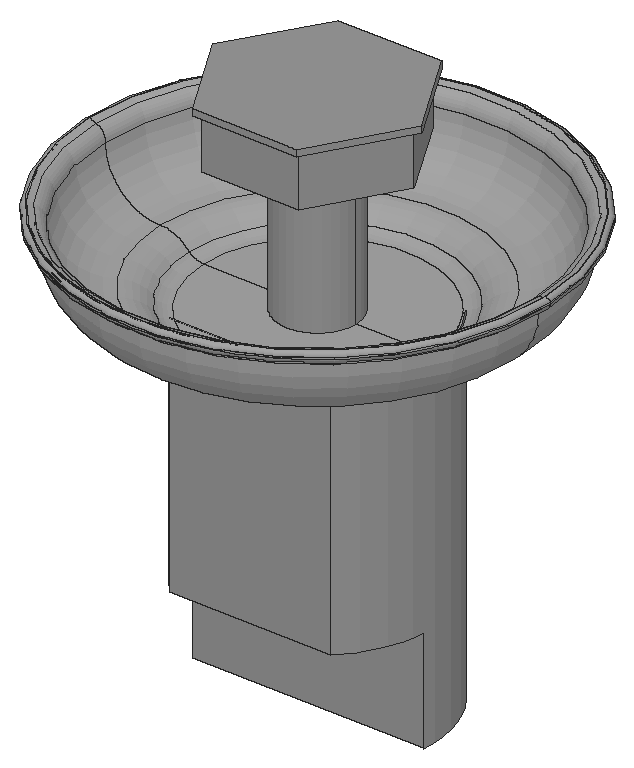
Revit family "Washfountain_Willoughby-WWF-3606-FLR", category Plumbing Fixtures, Revit 2015
Parameters (values of type "Standard")
  Waste DIA = 2"
  Waste Connection = yes
  Vent Connection = no
  URL = "https://www.willoughby-ind.com/wp-content/uploads/2018/01/WWF-3606.pdf"
  Solid Surface Sink = Solid Surface Acrylic Resin-Willoughby
  Revision = "A"
  Model = "WAF-3606-FLR"
  Manufacturer = "Willoughby Industries"
  Keynote = ""
  HW Connection = yes
  HCW DIA = 1/2"
  Fixture Body = Stainless Steel AISI 304-Willoughby
  Description = "Six Station round Washfountain, Floor Mounted"
  Default Elevation = 0' - 0"
  Contact = "(800) 428-4065"
  CW Connection = yes
Reference planes (in)
  plane 1 "Center (Front/Back)": y = 0
  plane 2: z = 0
  plane 3 "Center (Left/Right)": x = 0
  plane 4: z = 34
  plane 5: z = 42.5
  plane 6: z = 42
  plane 7: z = 38
  plane 8: z = 26.5
  plane 9: x = 18
  plane 10: x = -18
  plane 11: z = 28.5
  plane 12: x = 8.25
  plane 13: x = -8.25
  plane 14: x = 7.25
  plane 15: y = -6.5
  plane 16: y = -5.04234
  plane 17: y = -0.875
Forms (in)
  Revolve 1, solid, material "Solid Surface Acrylic Resin-Willoughby" <- "Solid Surface Sink"
    sketch origin (0, 0, 0) x (1, 0, 0) y (0, 0, 1)
      loop
        line (-18, 33.683) -> (-18, 33.56644)
        arc (-18, 33.56644) -> (-17.91323, 33.3196) -> (-17.6911, 33.18136) r 0.39447
        line (-17.6911, 33.18136) -> (-17.4375, 33.125)
        arc (-17.4375, 33.125) -> (-17.25573, 32.97535) -> (-17.1875, 32.75) r 0.40625
        arc (-17.1875, 32.75) -> (-15.72303, 29.21447) -> (-12.1875, 27.75) r 5
        arc (-12.1875, 27.75) -> (-11.25104, 27.5363) -> (-10.5, 26.9375) r 2.15865
        arc (-10.5, 26.9375) -> (-9.72359, 26.42847) -> (-8.8125, 26.25) r 2.41477
        line (-8.8125, 26.25) -> (0, 26.25) -> (0, 27) -> (-8.8125, 27)
        arc (-8.8125, 27) -> (-9.42263, 27.11584) -> (-9.94786, 27.44722) r 1.66477
        arc (-9.94786, 27.44722) -> (-10.95013, 28.22368) -> (-12.1875, 28.5) r 2.90865
        arc (-12.1875, 28.5) -> (-15.1927, 29.7448) -> (-16.4375, 32.75) r 4.25
        arc (-16.4375, 32.75) -> (-16.63169, 33.39137) -> (-17.14904, 33.81731) r 1.15625
        line (-17.14904, 33.81731) -> (-17.62233, 34.01451) -> (-17.66849, 34.01451)
        arc (-17.66849, 34.01451) -> (-17.9029, 33.91742) -> (-18, 33.683) r 0.33151
      axis (0, 34.01451) -> (0, 26.25)
    angle from 0 to 360
  Revolve 2, solid, material "Stainless Steel AISI 304-Willoughby" <- "Fixture Body"
    sketch origin (0, 0, 0) x (1, 0, 0) y (0, 0, 1)
      loop
        line (0, 26.9375) -> (0, 38) -> (-3, 38) -> (-3, 26.9375) -> (0, 26.9375)
      axis (0, 38) -> (0, 26.9375)
    angle from 0 to 360
  Extrusion 3, solid, material "Stainless Steel AISI 304-Willoughby" <- "Fixture Body"
    sketch origin (65.34541, 0, 42) x (1, 0, 0) y (0, 1, 0)
      loop
        line (-61.59541, 6.5) -> (-69.09541, 6.5) -> (-72.84541, 0) -> (-69.09541, -6.5) -> (-61.59541, -6.5) -> (-57.84541, 0) -> (-61.59541, 6.5)
    from 0 to -4
  Extrusion 4, solid, material "Stainless Steel AISI 304-Willoughby" <- "Fixture Body"
    sketch origin (65.34541, 0, 42) x (1, 0, 0) y (0, 1, 0)
      loop
        line (-69.38419, 7) -> (-73.42265, 0) -> (-69.3812, -7) -> (-61.30663, -7) -> (-57.26672, 0.0025) -> (-61.30673, 7) -> (-69.38419, 7)
    from 0 to 0.5
  Extrusion 5, solid, material "Stainless Steel AISI 304-Willoughby" <- "Fixture Body"
    sketch origin (0, 0, 0) x (1, 0, 0) y (0, 1, 0)
      loop
        line (-6.22495, -6.5) -> (6.22495, -6.5)
        arc (6.22495, -6.5) -> (0, 9) -> (-6.22495, -6.5) r 9
    from 0 to 27
  Extrusion 6, void
    sketch origin (0, 0, 0) x (1, 0, 0) y (0, 0, 1)
      loop
        line (-10.25, 0) -> (11.75, 0) -> (11.75, 8) -> (-10.25, 8) -> (-10.25, 0)
    from 0.875 to 6.5
  Extrusion 7, solid, material "Stainless Steel AISI 304-Willoughby" <- "Fixture Body", detail levels medium+fine
    sketch origin (-2, 0, 0) x (1, 0, 0) y (0, 1, 0)
      loop
        circle (2, 2) r 0.25
    from 3 to 6
  Extrusion 8, solid, material "Stainless Steel AISI 304-Willoughby" <- "Fixture Body", detail levels medium+fine
    sketch origin (-2, 0, 0) x (1, 0, 0) y (0, 1, 0)
      loop
        circle (2, 6) r 0.25
    from 3 to 6
  Extrusion 9, solid, material "Stainless Steel AISI 304-Willoughby" <- "Fixture Body", detail levels medium+fine
    sketch origin (-1, 0, 0) x (1, 0, 0) y (0, 1, 0)
      loop
        circle (5, 2) r 1
    from 3 to 6
Cuts and joins
  Extrusion 6 cuts Extrusion 5
Lines and regions (in)
  symbolic lines
    curve 1: circle (0, 0, 0) r 18 normal (0, 0, 1)
    curve 3: circle (0, 0, 0) r 9.94786 normal (0, 0, 1)
    curve 4: line (-8.07724, 0, 0) -> (-4.03878, 7, 0)
    curve 5: line (-4.03878, 7, 0) -> (4.03868, 7, 0)
    curve 6: line (4.03868, 7, 0) -> (8.07868, 0.0025, 0)
    curve 7: line (8.07868, 0.0025, 0) -> (4.03878, -7, 0)
    curve 8: line (4.03878, -7, 0) -> (-4.03579, -7, 0)
    curve 9: line (-4.03579, -7, 0) -> (-8.07724, 0, 0)
    curve 10: line (-9.04264, 0, 0) -> (8.95736, 0, 0)
    curve 11: line (8.95736, 0, 0) -> (8.95736, 0, 26.25)
    curve 12: line (8.95736, 0, 26.25) -> (-9.04264, 0, 26.25)
    curve 13: line (-9.04264, 0, 26.25) -> (-9.04264, 0, 0)
    curve 14: line (8.07868, 0, 42.5) -> (-8.07724, 0, 42.5)
    curve 15: line (-8.07724, 0, 42.5) -> (-8.07724, 0, 42)
    curve 16: line (-8.07724, 0, 42) -> (8.07868, 0, 42)
    curve 17: line (7.5, 0, 42) -> (7.5, 0, 38)
    curve 18: line (7.5, 0, 38) -> (-7.5, 0, 38)
    curve 19: line (-7.5, 0, 38) -> (-7.5, 0, 42)
    curve 20: line (-3, 0, 38) -> (-3, 0, 34)
    curve 21: line (3, 0, 38) -> (3, 0, 34)
    curve 22: line (17.67433, 0, 34.01451) -> (-17.66849, 0, 34.01451)
    curve 23: arc (-17.66849, 0, 34.01451) -> (-17.92636, 0, 33.89427) -> (-18, 0, 33.61943) r 0.33663
    curve 24: arc (-18, 0, 33.61943) -> (-17.97806, 0, 33.43117) -> (-17.87385, 0, 33.27285) r 0.41033
    curve 25: arc (-17.87385, 0, 33.27285) -> (-17.74517, 0, 33.19041) -> (-17.59532, 0, 33.16032) r 0.41362
    curve 26: arc (-17.59532, 0, 33.16032) -> (-17.51668, 0, 33.14146) -> (-17.4375, 0, 33.125) r 2.66966
    curve 27: arc (-17.4375, 0, 33.125) -> (-17.23421, 0, 32.93784) -> (-17.18322, 0, 32.66626) r 0.4385
    curve 28: arc (-17.18322, 0, 32.66626) -> (-15.63891, 0, 29.13199) -> (-12.04022, 0, 27.74442) r 5.00648
    curve 29: arc (-12.04022, 0, 27.74442) -> (-11.18671, 0, 27.50015) -> (-10.5, 0, 26.9375) r 2.19282
    curve 30: arc (-10.5, 0, 26.9375) -> (-9.82814, 0, 26.4733) -> (-9.04264, 0, 26.25) r 2.50368
    curve 31: arc (8.95736, 0, 26.25) -> (9.79067, 0, 26.45465) -> (10.5, 0, 26.9375) r 2.41744
    curve 32: arc (10.5, 0, 26.9375) -> (11.26785, 0, 27.55102) -> (12.23139, 0, 27.74486) r 2.08608
    curve 33: arc (12.23139, 0, 27.74486) -> (15.73139, 0, 29.19461) -> (17.18114, 0, 32.69461) r 4.94975
    curve 34: arc (17.18114, 0, 32.69461) -> (17.25008, 0, 32.94509) -> (17.4375, 0, 33.125) r 0.48946
    curve 35: line (17.4375, 0, 33.125) -> (17.71259, 0, 33.18851)
    curve 36: arc (17.71259, 0, 33.18851) -> (17.93508, 0, 33.33858) -> (18, 0, 33.59897) r 0.37443
    curve 37: arc (18, 0, 33.59897) -> (17.99143, 0, 33.75232) -> (17.92701, 0, 33.89173) r 0.4098
    curve 38: arc (17.92701, 0, 33.89173) -> (17.81625, 0, 33.98519) -> (17.67433, 0, 34.01451) r 0.29453
    curve 39: line (-9.04264, 0, 8) -> (8.95736, 0, 8)
    curve 40: line (8.07868, 0, 42.5) -> (8.07868, 0, 42)
    curve 41: line (0, 7, 42) -> (0, 7, 42.5)
    curve 42: line (0, 7, 42.5) -> (0, -7, 42.5)
    curve 43: line (0, -7, 42.5) -> (0, -7, 42)
    curve 44: line (0, -7, 42) -> (0, -6.5, 42)
    curve 45: line (0, -6.5, 42) -> (0, -6.5, 38)
    curve 46: line (0, -6.5, 38) -> (0, 6.5, 38)
    curve 47: line (0, 6.5, 38) -> (0, 6.5, 42)
    curve 48: line (0, 6.5, 42) -> (0, -6.5, 42)
    curve 49: line (0, -3, 38) -> (0, -3, 34.01451)
    curve 50: line (0, 3, 38) -> (0, 3, 34)
    curve 51: line (0, 17.66849, 34.01451) -> (0, -17.66849, 34.01451)
    curve 52: arc (0, -17.66849, 34.01451) -> (0, -17.92581, 33.89452) -> (0, -17.99929, 33.62028) r 0.33591
    curve 53: arc (0, -17.99929, 33.62028) -> (0, -17.93731, 33.3533) -> (0, -17.71862, 33.18808) r 0.40203
    curve 54: line (0, -17.71862, 33.18808) -> (0, -17.4375, 33.125)
    curve 55: arc (0, -17.4375, 33.125) -> (0, -17.23481, 32.93084) -> (0, -17.18719, 32.65424) r 0.44855
    curve 56: arc (0, -17.18719, 32.65424) -> (0, -15.65505, 29.14933) -> (0, -12.09881, 27.74044) r 5.02154
    curve 57: arc (0, -12.09881, 27.74044) -> (0, -11.20138, 27.53416) -> (0, -10.5, 26.9375) r 1.94108
    curve 58: arc (0, -10.5, 26.9375) -> (0, -9.75438, 26.45468) -> (0, -8.88912, 26.25372) r 2.57687
    curve 59: line (0, -8.88912, 26.25372) -> (0, 9.00309, 26.25372)
    curve 60: arc (0, 9.00309, 26.25372) -> (0, 9.81057, 26.4664) -> (0, 10.5, 26.9375) r 2.45425
    curve 61: arc (0, 10.5, 26.9375) -> (0, 11.23447, 27.53322) -> (0, 12.15608, 27.74523) r 2.09481
    curve 62: arc (0, 12.15608, 27.74523) -> (0, 15.7149, 29.21933) -> (0, 17.189, 32.77815) r 5.03292
    curve 63: arc (0, 17.189, 32.77815) -> (0, 17.25754, 32.99149) -> (0, 17.4375, 33.125) r 0.36632
    curve 64: line (0, 17.4375, 33.125) -> (0, 17.68109, 33.18124)
    curve 65: arc (0, 17.68109, 33.18124) -> (0, 17.92783, 33.34455) -> (0, 18.00691, 33.62968) r 0.42245
    curve 66: arc (0, 18.00691, 33.62968) -> (0, 17.92472, 33.89863) -> (0, 17.66849, 34.01451) r 0.34122
    curve 67: line (0, 9.00309, 26.25372) -> (0, 9.00309, 0)
    curve 68: line (0, 9.00309, 0) -> (0, -0.875, 0)
    curve 69: line (0, -0.875, 0) -> (0, -0.875, 8)
    curve 70: line (0, -0.875, 8) -> (0, -6.5, 8)
    curve 71: line (0, -6.5, 8) -> (0, -6.5, 26.25372)
  symbolic lines, detail levels fine
    curve 2: circle (0, 0, 0) r 16.5 normal (0, 0, 1)
Dimensions and locks (in)
  plane 7 to plane 6 = 0' - 4"
  plane 8 to plane 11 = 0' - 2"  (x2)
  Revolve 1 sketch curve to plane 11 to plane 4 = 0' - 2 1/4", 0' - 5 1/2"
  plane 13 to plane 14 = 1' - 3 1/2"
  aligned and locked: Revolve 2 sketch curve to Revolve 2 sketch curve  (x2)
  aligned and locked: plane 17 to Extrusion 6
  aligned and locked: plane 5 to Extrusion 4
  aligned and locked: Extrusion 4 to plane 6
  aligned and locked: plane 6 to Extrusion 3
  aligned and locked: Extrusion 3 to plane 7
  aligned and locked: curve 39 to cut or joined group of Extrusion 5, Extrusion 6
Connectors (in)
  piping at (0, 6, 3), diameter 0.5, driven by "HCW DIA", driven by "HW Connection"
    settings: on Extrusion 8, index 1, connector inside diameter 24", connector length 0' - 0", flow factor 0, pipe flow 0 GPM, pressure drop 0.00 psi, fitting loss kfactor 0, connector angle 0.00°, fixture units 0, engagement length 0' - 0", angle of deflection 0.00°, flow configuration 0, flow direction 1, fitting loss method 0, system type 19, joint type 0, gender type 0, connector reference index -1, connector utility 1, adjustable connector no, is connector primary yes, connector description "HW Inlet"
  piping at (0, 2, 3), diameter 0.5, driven by "HCW DIA", driven by "CW Connection"
    settings: on Extrusion 7, index 2, connector inside diameter 24", connector length 0' - 0", flow factor 0, pipe flow 0 GPM, pressure drop 0.00 psi, fitting loss kfactor 0, connector angle 0.00°, fixture units 0, engagement length 0' - 0", angle of deflection 0.00°, flow configuration 0, flow direction 1, fitting loss method 0, system type 20, joint type 0, gender type 0, connector reference index -1, connector utility 1, adjustable connector no, is connector primary no, connector description "CW Inlet"
  piping at (4, 2, 3), diameter 2, driven by "Waste DIA", driven by "Waste Connection"
    settings: on Extrusion 9, index 3, connector inside diameter 24", connector length 0' - 0", flow factor 0, pipe flow 0 GPM, pressure drop 0.00 psi, fitting loss kfactor 0, connector angle 0.00°, fixture units 0, engagement length 0' - 0", angle of deflection 0.00°, flow configuration 0, flow direction 2, fitting loss method 0, system type 16, joint type 0, gender type 0, connector reference index -1, connector utility 1, adjustable connector no, is connector primary no, connector description "Sink Waste"
